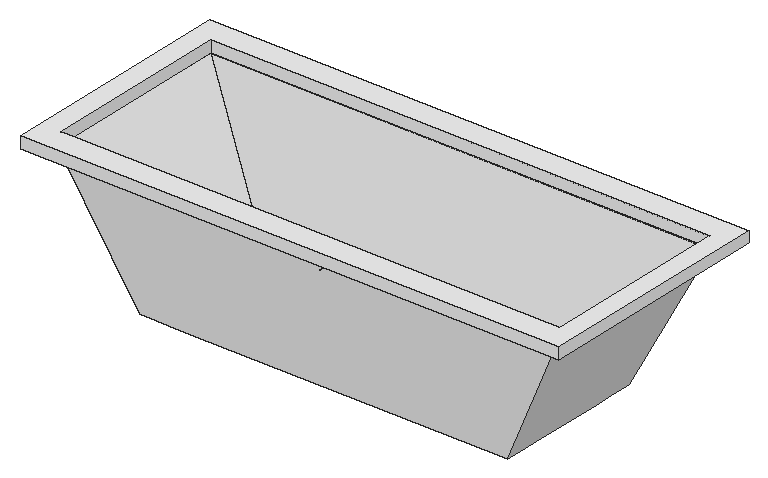
Revit family "NLRS_74_PF_UN_bad_S8H1D000000_SPHINX_BCB", category Plumbing Fixtures, Revit 2016
Family settings
  Part Type = Normal
  Round Connector Dimension = Use Radius
  OmniClass Number = 23.45.00.00
  OmniClass Title = Sanitary, Laundry, and Cleaning Equipment
  Work Plane-Based = No
  Always vertical = Yes
  Cut with Voids When Loaded = No
  Shared = No
  Room Calculation Point = No
Parameters (values of type "420 bad 170x75")
  NLRS_C_type = ""
  NLRS_C_serie = ""
  radius = 25 mm
  NLRS_C_revit_versie = "2016"
  NLRS_C_content_versie = "2.0"
  NLRS_C_content_provider = "BouwConnect"
  NLRS_C_content_datum_uitgifte = "APR-2018"
  NLRS_C_content_datum_gewijzigd = "APR-2018"
  NLRS_C_content_creator = "BouwConnect"
  NLRS_C_URL_product_data = ""
  lengte = 1700 mm  # constant formula
  kleur = "wit"  # constant formula
  NLRS_C_code_artikel = "S8H1B000000"
  hoogte = 470 mm  # constant formula
  code_EAN = "8711754226777"  # constant formula
  breedte = 750 mm  # constant formula
  artikelnummer = "S8H1D000000"  # constant formula
  WFU = 0
  URL = "http://www.sphinx.nl/"
  NLRS_S_gewicht = 0.00 kg
  NLRS_C_materiaal_01 = NLRS_h2_staal_Sphinx
  NLRS_C_materiaal = NLRS_n6_acryl_wit_Sphinx
  NLRS_C_lengte = 1700 mm
  NLRS_C_hoogte = 470 mm
  NLRS_C_diameter_uit = 50 mm
  NLRS_C_breedte = 750 mm
  Model = "420 bad 170x75"  # constant formula
  Material = "kunststof"
  Manufacturer = "Sphinx"  # constant formula
  Keynote = "bad"
  IfcTypeProduct = "IfcSanitaryTerminalType"
  IfcExportType = "BATH"
  IfcExportAs = "IfcSanitaryTerminalTypeEnum"
  IfcElement = "IfcFlowTerminal"
  NLRS_C_code_EAN = "8711754032361"
  Description = "bad"
  NLRS_C_URL_BCB = "http://bcb-online.nl/?zoekterm=Sphinx+++%5bGeberit+B.V.%5d"
  Assembly Code = "4(74.11)"
  74_metaal [instance] = none
  74_kunststof = none
Reference planes
  plane 1 "Center (Front/Back)": y = 0
  plane 2: z = 0
  plane 3 "Center (Left/Right)": x = 0
Forms (mm)
  Extrusion 1, solid, material "NLRS_n6_acryl_wit_Sphinx" <- "NLRS_C_materiaal", detail levels medium+fine
    sketch origin (-49.022, -28.084, -470) x (1, 0, 0) y (0, 1, 0)
      loop
        circle (899.022, -346.916) r 26
    from -10 to 0
  Extrusion 2, void, detail levels fine
    sketch origin (-100, -93, -470) x (1, 0, 0) y (0, 1, 0)
      loop
        circle (950, -282) r 23
    from -20 to 10
  Revolve 3, solid, material "NLRS_h2_staal_Sphinx" <- "NLRS_C_materiaal_01", detail levels fine
    sketch origin (-100, -375, -470) x (1, 0, 0) y (0, 0, 1)
      loop
        arc (920.939, 11) -> (907.985, 9.448) -> (895.764, 4.881) r 54.847
        arc (895.764, 4.881) -> (895.444, 4.657) -> (895.194, 4.356) r 1.467
        arc (895.194, 4.356) -> (895.093, 3.653) -> (895.545, 3.106) r 0.878
        arc (895.545, 3.106) -> (896.133, 3.026) -> (896.725, 3) r 6.633
        line (896.725, 3) -> (950, 3) -> (950, 11) -> (920.939, 11)
      axis (950, 3) -> (950, 11)
    angle from 0 to 360
  Extrusion 4, solid, material "NLRS_n6_acryl_wit_Sphinx" <- "NLRS_C_materiaal", detail levels medium+fine
    sketch origin (0, 0, 0) x (1, 0, 0) y (0, 1, 0)
      loop
        line (1700, -375) -> (1700, 0) -> (0, 0) -> (0, -375) -> (65, -375) -> (65, -78.91) -> (1640, -78.91) -> (1640, -375) -> (1700, -375)
    from -35 to 0
  Extrusion 5, solid, material "NLRS_n6_acryl_wit_Sphinx" <- "NLRS_C_materiaal", detail levels medium+fine
    sketch origin (0, -750, 0) x (1, 0, 0) y (0, 1, 0)
      loop
        line (1700, 375) -> (1640, 375) -> (1640, 78.91) -> (65, 78.91) -> (65, 375) -> (0, 375) -> (0, 0) -> (1700, 0) -> (1700, 375)
    from -35 to 0
  Blend 6, void, detail levels medium+fine
    base sketch origin (0, 0, 0) x (1, 0, 0) y (0, 1, 0)
      loop
        line (271.977, -140.844) -> (271.977, -609.156) -> (1428.023, -609.156) -> (1428.023, -140.844) -> (271.977, -140.844)
    top sketch origin (0, 0, 0) x (1, 0, 0) y (0, 1, 0)
      loop
        line (63.43, -78.91) -> (63.43, -671.094) -> (1636.578, -671.09) -> (1636.57, -78.91) -> (63.43, -78.91)
    from -466 to -35
  Blend 7, solid, material "NLRS_n6_acryl_wit_Sphinx" <- "NLRS_C_materiaal", detail levels medium+fine
    base sketch origin (0, 0, 0) x (1, 0, 0) y (0, 1, 0)
      loop
        line (267.977, -136.844) -> (267.977, -613.156) -> (1432.023, -613.156) -> (1432.023, -136.844) -> (267.977, -136.844)
    top sketch origin (0, 0, 0) x (1, 0, 0) y (0, 1, 0)
      loop
        line (57.43, -677.094) -> (1642.578, -677.09) -> (1642.57, -72.91) -> (57.43, -72.91) -> (57.43, -677.094)
    from -470 to -35
  Extrusion 8, solid, material "NLRS_n6_acryl_wit_Sphinx" <- "NLRS_C_materiaal", detail levels coarse
    sketch origin (0, 0, 0) x (1, 0, 0) y (0, 1, 0)
      loop
        line (0, -750) -> (1700, -750) -> (1700, 0) -> (0, 0) -> (0, -750)
    from -470 to 0
  Extrusion 9, void, detail levels coarse
    sketch origin (0, 0, 30) x (1, 0, 0) y (0, 1, 0)
      loop
        line (1640.57, -74.91) -> (59.43, -74.91) -> (59.43, -675.094) -> (1640.578, -675.09) -> (1640.57, -74.91)
    from -420 to 500
  Revolve 10, solid, material "NLRS_h2_staal_Sphinx" <- "NLRS_C_materiaal_01", detail levels fine
    sketch origin (-97.5, -743.09, -78) x (1, 0, 0) y (0, 1, 0)
      loop
        line (950, 72) -> (950, 102) -> (925, 102)
        arc (925, 102) -> (914.393, 97.607) -> (910, 87) r 15
        line (910, 87) -> (910, 72) -> (950, 72)
      axis (950, 102) -> (950, 72)
    angle from 0 to 360
  Extrusion 11, void, detail levels medium+fine
    sketch origin (0, 0, -470) x (0, 1, 0) y (0, 0, 1)
      loop
        line (-674.048, 427.653) -> (-710.339, 427.653) -> (-710.339, 331.367) -> (-660.339, 331.367) -> (-674.048, 427.653)
    from 794.697 to 909.392
  Extrusion 12, solid, material "NLRS_n6_acryl_wit_Sphinx" <- "NLRS_C_materiaal", not visible
    sketch origin (0, 0, -470) x (1, 0, 0) y (0, 1, 0)
      loop
        circle (850, -375) r 25
    from 0 to 5
Cuts and joins
  Extrusion 2 cuts Extrusion 1
  Extrusion 2 cuts Revolve 3
  Blend 6 cuts Blend 7
  Blend 6, Extrusion 9 cuts Extrusion 8
  Extrusion 11 cuts Revolve 10
  Blend 6 cuts Extrusion 4
  Blend 6 cuts Extrusion 5
  joined: Extrusion 4, Extrusion 5
Dimensions and locks
  aligned and locked: level to plane 2
Connectors
  piping at (850, -375, -470), diameter 50, driven by "WFU", driven by "radius"
    settings: on Extrusion 12, index 1, connector inside diameter 50 mm, connector length 0 mm, flow factor 0, pipe flow 0.0 L/s, pressure drop 0.0 Pa, fitting loss kfactor 0, connector angle 0.00°, fixture units 0, engagement length 0 mm, angle of deflection 0.00°, flow configuration 3, flow direction 2, fitting loss method 0, system type 16, joint type 0, gender type 0, connector reference index -1, connector utility 0, adjustable connector no, is connector primary yes, connector description "out"
